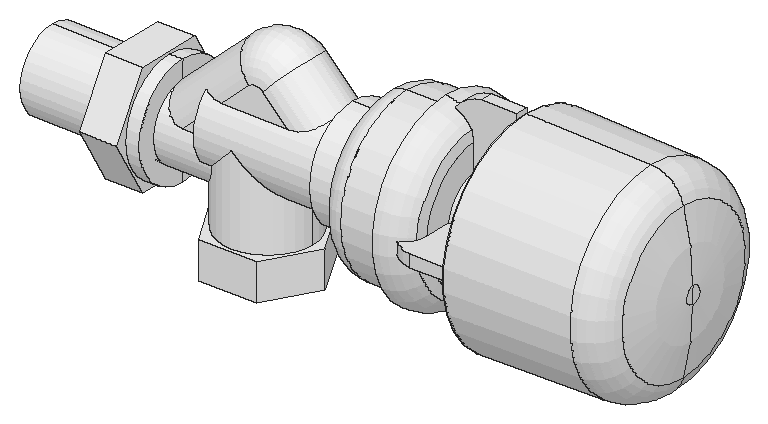
Revit family "RA-DV_Axial_DN10-15_Aero_RFA_1", category Pipe Accessories, Revit 2019
Family settings
  Round Connector Dimension = Use Diameter
  Part Type = Valve - Breaks Into
  OmniClass Number = 23.65.55.14.17
  OmniClass Title = Adjusting/Controlling Valves for Liquid Services
  Work Plane-Based = No
  Always vertical = Yes
  Cut with Voids When Loaded = No
  Shared = No
Parameters (values of type "RA-DV_Axial_DN15_013G7710")
  Weight = 0.19 kg  # constant formula
  W = if(or(Sensor Type = [015G4540], Sensor Type = [015G4544], Sensor Type = [015G4542]), 61 mm, 56 mm)  # 56 mm
  Valve Body Material = Danfoss Nickel Plated Brass
  URL = "https://store.danfoss.com/en/Climate-Solutions-for-heating/Radiator-Thermostats/Radiator-Valves/Build-on-valves/Dynamic-Valves/c/13865?q=%3Arelevance%3Adanfoss_producttypehierarchydesc%3ARA-DV%3Adanfoss_a223339155%3AA223_33915587eab19b8c161dcda613dce27588a56e&text="
  Setting Range = "1-7,N"  # constant formula
  Sensor Type = Aero Sensors_RA_RFA : Aero Sensors_Built-in_7-28 °C
  Sa3 = LL1 + LL2 + LL3  # 36.3 mm
  Sa2 = BL1 + BL2  # 27.3 mm
  SH2 = SH1 * 2  # 0 mm
  SH1 = 0 mm
  RT1 = 12.194 mm
  RT0 = 18.318 mm
  RR9 = 1 mm
  RR8 = 5 mm
  RR7 = 8.335 mm
  RR6 = 8.335 mm
  RR5 = 9.783 mm
  RR4 = 8.25 mm
  RR3 = 11.5 mm
  RR2 = 14.5 mm
  RR1 = 12.2 mm
  RR0 = 6 mm
  RL4 = 10.7 mm
  RL2 = 14.7 mm
  RL1 = 10 mm
  RB1 = 12.2 mm
  Pressure Drop [instance] = 0.0 Pa
  Model Type = "RA-DV_Axial_DN15"
  Model = "013G7710"
  Min Medium Temperature = "2 °C"  # constant formula
  Min Differential Pressure = "0.1 bar"  # constant formula
  Max Operating Pressure = "10 bar"  # constant formula
  Max Medium Temperature = "95 °C"  # constant formula
  Max Flow (Text) = "135 l/h"  # constant formula
  Max Differential Pressure = "0.6 bar"  # constant formula
  Manufacturer = "Danfoss"  # constant formula
  La [instance] = 113.9 mm
  LR8 = 3.85 mm
  LR7 = 3.2 mm
  LR6 = 3.95 mm
  LR5 = 9.924 mm
  LR4 = 2.776 mm
  LR3 = 6.8 mm
  LR2 = 7.1 mm
  LR1 = 22.8 mm
  LR0 = 4.168 mm
  LOD 350 = not(LOD 200)  # yes
  LOD 200 = no
  LL4 = 21.2 mm
  LL3 = 10 mm
  LL2 = 3.7 mm
  LL1 = 22.6 mm
  LL02 = 5 mm
  LL01 = 10 mm
  L [instance] = 171.4 mm
  IfcExportType = "RA-DV"  # constant formula
  IfcExportAs = "IfcValveType"  # constant formula
  Hex2 = 26.7 mm
  Hex1 = 30 mm
  Ha = BL1 + BL2 + RR0  # 33.3 mm
  HT = LR1 + LR2  # 29.9 mm
  HR2 = 15.35 mm
  HR1 = 17.3 mm
  H' = 58 mm
  H = Ha + (W / 2)  # 61.3 mm
  Flow [instance] = 0.0 L/s
  Description = "Thermostatic Radiator Valve"  # constant formula
  D = 15 mm
  BL2 = 9.8 mm
  BL1 = 17.5 mm
  Application = "2-Pipe System"  # constant formula
  AR = 22.748 mm
  AL = 28 mm
  015G4544 = Aero Sensors_RA_RFA : Aero Sensors_Tamperproof_Built-in_7-21 °C_015G4544
  015G4542 = Aero Sensors_RA_RFA : Aero Sensors_Tamperproof_Remote_7-26 °C_015G4542
  015G4540 = Aero Sensors_RA_RFA : Aero Sensors_Tamperproof_Built-in_7-28 °C_015G4540
Reference planes
  plane 1 "Center (Front/Back)": y = 0
  plane 2: z = 0
  plane 3 "Center (Left/Right)": x = 0
  plane 4: x = -57.5
  plane 5: z = 23.5
  plane 6: z = -27.3
  plane 7: x = 22.8
  plane 8 "right": x = 29.9
  plane 9: x = 39.476
  plane 10 "1": x = 36.7
  plane 11: x = 49.4
  plane 12: x = 53.35
  plane 13: x = 56.55
  plane 14: x = 60.4
  plane 15: x = -36.3
  plane 16 "left": x = -26.3
  plane 17: x = -22.6
  plane 18 "bottom": z = -17.5
  plane 19: z = 6
  plane 20: z = 18.2
  plane 21: z = -6.2
  plane 22: y = 28
  plane 23: y = -28
  plane 24: z = 30.7
  plane 25: z = 34
Forms (mm)
  Revolve 1, solid, material "Danfoss Nickel Plated Brass" <- "Valve Body Material", detail levels fine
    sketch origin (0, 0, 0) x (1, 0, 0) y (0, 0, 1)
      loop
        line (-57.5, 10.7) -> (-57.5, 0) -> (-26.3, 0) -> (-26.3, 10.7) -> (-57.5, 10.7)
      axis (-26.3, 0) -> (-57.5, 0)
    angle from 0 to 360
  Revolve 2, solid, material "Danfoss Nickel Plated Brass" <- "Valve Body Material", visible <- "LOD 350", detail levels fine
    sketch origin (0, 0, 0) x (1, 0, 0) y (0, 0, 1)
      loop
        line (-26.3, 0) -> (-22.6, 0) -> (-22.6, 14.7) -> (-26.3, 14.7) -> (-26.3, 0)
      axis (-22.6, 0) -> (-26.3, 0)
    angle from 0 to 360
  Revolve 3, solid, material "Danfoss Nickel Plated Brass" <- "Valve Body Material", detail levels fine
    sketch origin (0, 0, 0) x (1, 0, 0) y (0, 0, 1)
      loop
        line (-26.3, 0) -> (-26.3, -10) -> (0, -10) -> (0, 0) -> (-26.3, 0)
      axis (0, 0) -> (-26.3, 0)
    angle from 0 to 360
  Revolve 4, solid, material "Danfoss Nickel Plated Brass" <- "Valve Body Material", detail levels fine
    sketch origin (0, 0, 0) x (1, 0, 0) y (0, 0, 1)
      loop
        line (-10, 18.2) -> (-17.6, 6) -> (22.8, 6) -> (22.8, 18.2) -> (-10, 18.2)
      axis (22.8, 6) -> (-17.6, 6)
    angle from 0 to 360
  Revolve 5, solid, material "Danfoss Nickel Plated Brass" <- "Valve Body Material", detail levels fine
    sketch origin (0, 0, 0) x (1, 0, 0) y (0, 0, 1)
      loop
        line (0, 6) -> (0, -17.5) -> (12.2, -17.5) -> (12.2, 6) -> (0, 6)
      axis (0, 6) -> (0, -17.5)
    angle from 0 to 360
  Revolve 6, solid, material "Danfoss Nickel Plated Brass" <- "Valve Body Material", detail levels fine
    sketch origin (0, 0, 0) x (1, 0, 0) y (0, 0, 1)
      loop
        line (29.9, 20.5) -> (22.8, 20.5) -> (22.8, 6) -> (29.9, 6) -> (29.9, 20.5)
      axis (22.8, 6) -> (29.9, 6)
    angle from 0 to 360
  Revolve 7, solid, material "Danfoss Brass", visible <- "LOD 350", detail levels fine
    sketch origin (0, 0, 0) x (1, 0, 0) y (0, 0, 1)
      loop
        line (29.9, 6) -> (39.476, 6) -> (39.476, 14.25) -> (36.7, 14.25) -> (36.7, 17.5) -> (29.9, 17.5) -> (29.9, 6)
      loop
        line (49.4, 14.335) -> (49.4, 6) -> (56.55, 6) -> (56.55, 11) -> (53.35, 11) -> (53.35, 14.335) -> (49.4, 14.335)
      axis (56.55, 6) -> (29.9, 6)
    angle from 0 to 360
  Sweep 8, solid, material "Danfoss Nickel Plated Brass" <- "Valve Body Material", detail levels fine
    path in 3D
      loop
        line (20.87, -9, 6) -> (5.986, -9, 20.884)
        arc (5.986, -9, 20.884) -> (4.159, -9, 21.659) -> (2.305, -9, 20.948) r 2.65
        line (2.305, -9, 20.948) -> (-20.159, -9, 0)
    profile origin (-8.927, -9, 10.474) x (0.681998, 0, -0.731354) y (0, -1, 0)
      loop
        arc (0, 0) -> (-9, -9) -> (0, -18) r 9
        line (0, -18) -> (0, 0)
  Extrusion 9, solid, material "Danfoss Nickel Plated Brass" <- "Valve Body Material", detail levels fine
    sketch origin (0, 0, 0) x (1, 0, 0) y (0, 0, 1)
      loop
        line (-20.159, 0) -> (0, 0) -> (0, 6) -> (20.87, 6) -> (5.986, 20.884)
        arc (5.986, 20.884) -> (4.159, 21.659) -> (2.305, 20.948) r 2.65
        line (2.305, 20.948) -> (-20.159, 0)
    from -9 to 9
  Revolve 10, solid, material "Danfoss Nickel Plated Brass" <- "Valve Body Material", visible <- "LOD 200", detail levels fine
    sketch origin (0, 0, 0) x (1, 0, 0) y (0, 0, 1)
      loop
        line (-36.3, 17.3) -> (-36.3, 0) -> (-26.3, 0) -> (-26.3, 17.3) -> (-36.3, 17.3)
      axis (-26.3, 0) -> (-36.3, 0)
    angle from 0 to 360
  Revolve 11, solid, material "Danfoss Nickel Plated Brass" <- "Valve Body Material", visible <- "LOD 200", detail levels fine
    sketch origin (0, 0, 0) x (1, 0, 0) y (0, 0, 1)
      loop
        line (0, -27.3) -> (0, -17.5) -> (-15.35, -17.5) -> (-15.35, -27.3) -> (0, -27.3)
      axis (0, -17.5) -> (0, -27.3)
    angle from 0 to 360
  Revolve 12, solid, material "Danfoss Nickel Plated Brass" <- "Valve Body Material", detail levels fine
    sketch origin (0, 0, 0) x (1, 0, 0) y (0, 0, 1)
      loop
        line (56.55, 6) -> (60.4, 6) -> (60.4, 7) -> (56.55, 7) -> (56.55, 6)
      axis (56.55, 6) -> (60.4, 6)
    angle from 0 to 360
  Revolve 13, solid, material "Danfoss Brass", visible <- "LOD 200", detail levels fine
    sketch origin (0, 0, 0) x (1, 0, 0) y (0, 0, 1)
      loop
        line (49.4, 6) -> (56.55, 6) -> (56.55, 11) -> (49.4, 11) -> (49.4, 6)
      axis (49.4, 6) -> (56.55, 6)
    angle from 0 to 360
  Revolve 14, solid, material "Danfoss Plastic Green", detail levels fine
    sketch origin (0, 0, 0) x (1, 0, 0) y (0, 0, 1)
      loop
        line (39.476, 6) -> (49.4, 6) -> (49.4, 15.8) -> (39.476, 15.8) -> (39.476, 6)
      axis (39.476, 6) -> (49.4, 6)
    angle from 0 to 360
  Revolve 15, solid, material "Danfoss Brass", visible <- "LOD 200", detail levels fine
    sketch origin (0, 0, 0) x (1, 0, 0) y (0, 0, 1)
      loop
        line (29.9, 6) -> (39.476, 6) -> (39.476, 17.5) -> (29.9, 17.5) -> (29.9, 6)
      axis (29.9, 6) -> (39.476, 6)
    angle from 0 to 360
Cuts and joins
  joined: Revolve 3, Sweep 8, Extrusion 9
Lines and regions (mm)
  reference lines
    curve 1: line (-33.184, 0, 0.159) -> (4.395, 0, 35.203)
    curve 2: line (43.123, 0, -3.525) -> (4.395, 0, 35.203)
    curve 6: line (0, 0, 0) -> (38.285, 0, 35.701)
    curve 7: line (0, 0, 0) -> (-35.355, 0, 35.355)
  sketch lines
    curve 3: line (2.305, -9, 20.948) -> (-20.159, -9, 0)
    curve 4: arc (2.305, -9, 20.948) -> (4.159, -9, 21.659) -> (5.986, -9, 20.884) r 2.65
    curve 5: line (20.87, -9, 6) -> (5.986, -9, 20.884)
  model lines, detail levels coarse+medium
    curve 8: line (-27.4, 0, 0) -> (-36.3, 0, 0)
Dimensions and locks
  "RR1": plane 20 to plane 19
  "LL1": plane 3 "Center (Left/Right)" to plane 17
  "LL2": plane 17 to plane 16 "left"
  "LL3": plane 16 "left" to plane 15
  "LL4": plane 15 to plane 4
  "LR1": plane 7 to plane 3 "Center (Left/Right)"
  "LR2": plane 8 "right" to plane 7
  "LR3": plane 10 "1" to plane 8 "right"
  "LR4": plane 9 to plane 10 "1"
  "LR5": plane 11 to plane 9
  "LR6": plane 12 to plane 11
  "LR7": plane 13 to plane 12
  "LR8": plane 14 to plane 13
  "RL4": Revolve 1 sketch curve to level
  "RL2": Revolve 2 sketch curve to level
  "RL1": level to Revolve 3 sketch curve
  "RR0": plane 19 to level
  "RR1": plane 19 to plane 21
  "LL01": plane 3 "Center (Left/Right)" to Revolve 4 sketch curve
  "LL02": Revolve 4 sketch curve to plane 17
  "RB1": Revolve 5 sketch curve to plane 3 "Center (Left/Right)"
  "RR2": Revolve 6 sketch curve to plane 19
  "RR3": Revolve 7 sketch curve to plane 19
  "RR4": Revolve 7 sketch curve to plane 19
  "RR7": Revolve 7 sketch curve to plane 19
  "RR8": Revolve 7 sketch curve to plane 19
  "BL1": level to plane 18 "bottom"
  "BL2": plane 18 "bottom" to plane 6
  "HR1": Revolve 10 sketch curve to level
  "HR2": plane 3 "Center (Left/Right)" to Revolve 11 sketch curve
  locked: Extrusion 9 sketch curve to curve 1 at 9
  curve 2 to Extrusion 9 sketch curve = 9 mm
  "AR": curve 6 to curve 1
  "AL": curve 2 to curve 7
  "SH1": nested 3 to plane 3 "Center (Left/Right)"
  "L": nested 4 to plane 4
  "W": plane 22 to plane 23
  equal spacing: plane 22, plane 1 "Center (Front/Back)", plane 23  (x2)
  "H'": plane 24 to plane 6
  Revolve 12 sketch curve to plane 19 = 1 mm
  Revolve 13 sketch curve to plane 19 = 5 mm
  Revolve 14 sketch curve to plane 19 = 9.8 mm
  Revolve 15 sketch curve to plane 19 = 11.5 mm
  "La": nested 4 to plane 3 "Center (Left/Right)"
  "H": plane 25 to plane 6
  angle curve 7 to level = 45.00°
  angle level to curve 6 = 43.00°
  aligned and locked: level to plane 2
  aligned and locked: Revolve 1 sketch curve to plane 16 "left"
  aligned and locked: Revolve 1 sketch curve to plane 2
  aligned and locked: Revolve 1 sketch curve to plane 4
  aligned and locked: plane 2 to Revolve 1 sketch curve
  aligned and locked: plane 2 to Revolve 2 sketch curve
  aligned and locked: Revolve 2 sketch curve to plane 16 "left"
  aligned and locked: Revolve 2 sketch curve to plane 17
  aligned and locked: Revolve 2 sketch curve to level
  aligned and locked: plane 2 to Revolve 3 sketch curve
  aligned and locked: Revolve 3 sketch curve to level
  aligned and locked: Revolve 3 sketch curve to plane 3 "Center (Left/Right)"
  aligned and locked: plane 16 "left" to Revolve 3 sketch curve
  aligned and locked: plane 19 to Revolve 4 sketch curve  (x2)
  aligned and locked: Revolve 4 sketch curve to plane 20
  aligned and locked: Revolve 4 sketch curve to plane 7
  aligned and locked: plane 18 "bottom" to Revolve 5 sketch curve
  aligned and locked: plane 3 "Center (Left/Right)" to Revolve 5 sketch curve
  aligned and locked: Revolve 5 sketch curve to plane 19
  aligned and locked: Revolve 5 sketch curve to plane 3 "Center (Left/Right)"
  aligned and locked: Revolve 6 sketch curve to plane 19  (x2)
  aligned and locked: Revolve 6 sketch curve to plane 7
  aligned and locked: plane 8 "right" to Revolve 6 sketch curve
  aligned and locked: Revolve 7 sketch curve to plane 19  (x2)
  aligned and locked: Revolve 7 sketch curve to plane 8 "right"
  aligned and locked: Revolve 7 sketch curve to plane 10 "1"
  aligned and locked: Revolve 7 sketch curve to plane 11
  aligned and locked: Revolve 7 sketch curve to plane 12
  aligned and locked: Revolve 7 sketch curve to plane 13
  aligned and locked: plane 19 to Revolve 7 sketch curve
  aligned and locked: Extrusion 9 sketch curve to plane 19
  aligned and locked: Extrusion 9 sketch curve to level
  aligned and locked: Extrusion 9 sketch curve to plane 3 "Center (Left/Right)"
  aligned and locked: level to nested 1
  aligned and locked: nested 2 to plane 3 "Center (Left/Right)"
  aligned and locked: nested 1 to plane 1 "Center (Front/Back)"
  aligned and locked: plane 1 "Center (Front/Back)" to nested 2
  aligned and locked: plane 2 to Revolve 10 sketch curve
  aligned and locked: plane 15 to Revolve 10 sketch curve
  aligned and locked: level to Revolve 10 sketch curve
  aligned and locked: Revolve 10 sketch curve to plane 16 "left"
  aligned and locked: Revolve 11 sketch curve to plane 3 "Center (Left/Right)"  (x2)
  aligned and locked: plane 6 to Revolve 11 sketch curve
  aligned and locked: Revolve 11 sketch curve to plane 18 "bottom"
  aligned and locked: level to curve 7
  aligned and locked: nested 3 to plane 1 "Center (Front/Back)"
  aligned and locked: plane 15 to curve 8
  aligned and locked: plane 2 to curve 8
  aligned and locked: Revolve 12 sketch curve to plane 19  (x2)
  aligned and locked: Revolve 12 sketch curve to plane 14
  aligned and locked: Revolve 12 sketch curve to plane 13
  aligned and locked: Revolve 12 sketch curve to Revolve 7
  aligned and locked: Revolve 13 sketch curve to plane 19  (x2)
  aligned and locked: Revolve 13 sketch curve to plane 11
  aligned and locked: Revolve 13 sketch curve to plane 13
  aligned and locked: Revolve 14 sketch curve to plane 19  (x2)
  aligned and locked: Revolve 14 sketch curve to plane 9
  aligned and locked: Revolve 14 sketch curve to plane 11
  aligned and locked: Revolve 14 sketch curve to Revolve 7
  aligned and locked: Revolve 15 sketch curve to plane 19  (x2)
  aligned and locked: Revolve 15 sketch curve to plane 8 "right"
  aligned and locked: Revolve 15 sketch curve to plane 9
  aligned and locked: Revolve 6 to Revolve 15 sketch curve
  aligned and locked: Revolve 7 sketch curve to plane 9
  aligned and locked: plane 1 "Center (Front/Back)" to nested 4
  aligned and locked: nested 4 to plane 19
  aligned and locked: nested 4 to plane 8 "right"
  aligned and locked: nested 3 to plane 2
  aligned and locked: plane 3 "Center (Left/Right)" to nested 3
Automatic sketch dimensions
  plane 20 to Extrusion 9 sketch curve = 0.81 mm
  Sweep 8 sketch curve to profile plane = 0 mm
  Sweep 8 sketch curve to profile plane = 9 mm
  Sweep 8 sketch curve to profile plane = 18 mm
  Revolve 12 sketch curve to plane 14 = 0 mm
  Revolve 13 sketch curve to plane 14 = 0 mm
  Revolve 15 sketch curve to plane 14 = 0 mm
  Revolve 13 sketch curve to plane 9 = 0 mm
  Revolve 14 sketch curve to plane 14 = 0 mm
  curve 8 to plane 16 "left" = 1.1 mm
  Revolve 1 sketch curve to plane 4 = 36.842 mm
  Revolve 1 sketch curve to Revolve 1 sketch curve = 6.695 mm
  Revolve 2 sketch curve to plane 4 = 15 mm
  Revolve 2 sketch curve to Revolve 2 sketch curve = 6.916 mm
  Revolve 3 sketch curve to plane 4 = 7.987 mm
  Revolve 3 sketch curve to Revolve 3 sketch curve = 3.891 mm
  plane 14 to Revolve 4 sketch curve = 13.263 mm
  Revolve 4 sketch curve to Revolve 4 sketch curve = 5 mm
  plane 6 to Revolve 5 sketch curve = 2.302 mm
  Revolve 5 sketch curve to Revolve 5 sketch curve = 0.746 mm
  Revolve 6 sketch curve to plane 10 "1" = 2.601 mm
  Revolve 6 sketch curve to plane 9 = 0.218 mm
  plane 14 to Revolve 7 sketch curve = 21.285 mm
  Revolve 7 sketch curve to Revolve 7 sketch curve = 5 mm
  curve 6 to plane 3 "Center (Left/Right)" = 0 mm
  level to curve 1 = 0.159 mm
  plane 21 to curve 2 = 2.675 mm
  Revolve 10 sketch curve to plane 4 = 6.411 mm
  Revolve 10 sketch curve to Revolve 10 sketch curve = 4.891 mm
  Revolve 11 sketch curve to plane 6 = 1.992 mm
  Revolve 11 sketch curve to Revolve 11 sketch curve = 0.674 mm
Nested families
  nested 1: "Hexagon" at (-26.3, 0, 0) x (0, 1, 0) z (-1, 0, 0), h <- "LL3", a <- "Hex1", visible <- "LOD 350", Body Material <- "Valve Body Material", type "Hexagon"
    with h 10 mm, b 15 mm, a 30 mm, Body Material Danfoss Nickel Plated Brass
  nested 2: "Hexagon" at (0, 0, -17.5) x (-1, 0, 0) z (0, 0, -1), h <- "BL2", a <- "Hex2", visible <- "LOD 350", Body Material <- "Valve Body Material", type "Hexagon"
    with h 9.8 mm, b 13.35 mm, a 26.7 mm, Body Material Danfoss Nickel Plated Brass
  nested 3: "Schematic_Pressure Independent TRV_Sensor_Axial" at (0, 0, 0) x (-1, 0, 0) z (0, 0, 1), type "Schematic_Pressure Independent TRV_Sensor_Axial", detail levels coarse+medium
    with L2 30.25 mm, L 36.3 mm, LA_1 2.528 mm, L1/3 24.2 mm, HT 29.9 mm, HA_2 18.2 mm, HA_1 4.55 mm, HA 22.75 mm, LA 13.65 mm, L1/9 8.067 mm, L1 72.6 mm, D 27.3 mm
  nested 4: "Aero Sensors_RA_RFA" at (29.9, 0, 6) x (0, 0, -1) z (1, 0, 0), LOD 200 <- "LOD 200", type <- "Sensor Type", type "Aero Sensors_Built-in_7-28 °C", detail levels fine
    with Y' 700 mm, X' 700 mm, LOD 350 yes, LOD 200 no, Box Z Offset 100 mm, Box Y Offset 100 mm, Box X Offset 100 mm
Connectors
  piping at (-36.3, 0, 0), diameter 15, driven by "D", driven by "Flow"
    settings: on nested 1, index 1, connector inside diameter 609.6 mm, connector length 0 mm, flow factor 0, pipe flow 0.0 L/s, pressure drop 0.0 Pa, fitting loss kfactor 0, connector angle 0.00°, fixture units 0, engagement length 0 mm, angle of deflection 0.00°, flow configuration 0, flow direction 2, fitting loss method 0, system type 29, joint type 0, gender type 0, connector reference index 2, connector utility 0, adjustable connector no, is connector primary no, connector description ""
  piping at (0, 0, -27.3), diameter 15, driven by "D", driven by "Flow"
    settings: on nested 2, index 2, connector inside diameter 609.6 mm, connector length 0 mm, flow factor 0, pipe flow 0.0 L/s, pressure drop 0.0 Pa, fitting loss kfactor 0, connector angle 0.00°, fixture units 0, engagement length 0 mm, angle of deflection 0.00°, flow configuration 0, flow direction 1, fitting loss method 0, system type 29, joint type 0, gender type 0, connector reference index 1, connector utility 0, adjustable connector no, is connector primary yes, connector description ""
Definition of nested family "Hexagon"
  Parameters (values of type "Hexagon")
    h [instance] = 4 mm
    b [instance] = a / 2  # 10 mm
    a [instance] = 20 mm
    Default Elevation = 1219.2 mm
    Body Material [instance] = none
  Reference planes
    plane 1 "Center (Front/Back)": y = 0
    plane 2: z = 0
    plane 3 "Center (Left/Right)": x = 0
    plane 4: z = 4
  Forms (mm)
    Extrusion 1, solid
      sketch origin (0, 0, 0) x (1, 0, 0) y (0, 1, 0)
        loop
          line (-1219.2, 1219.2) -> (-1219.2, -1219.2) -> (1219.2, -1219.2) -> (1219.2, 1219.2) -> (-1219.2, 1219.2)
      from 0 to -304.8
    Extrusion 2, solid, material <- "Body Material", detail levels fine
      sketch origin (0, 0, 0) x (1, 0, 0) y (0, 1, 0)
        loop
          line (5.774, 10) -> (-5.774, 10) -> (-11.547, 0) -> (-5.774, -10) -> (5.774, -10) -> (11.547, 0) -> (5.774, 10)
      from 0 to 4
  Lines and regions (mm)
    reference lines
      curve 1: line (125, -216.506, 0) -> (-125, 216.506, 0)
      curve 2: line (-125, -216.506, 0) -> (125, 216.506, 0)
  Dimensions and locks
    "h": plane 4 to level
    "b": curve 1 to Extrusion 2 sketch curve
    "b": Extrusion 2 sketch curve to curve 1
    "b": Extrusion 2 sketch curve to curve 2  (x2)
    "b": plane 1 "Center (Front/Back)" to Extrusion 2 sketch curve
    "b": Extrusion 2 sketch curve to plane 1 "Center (Front/Back)"
    aligned and locked: plane 2 to Extrusion 1
    aligned and locked: level to Extrusion 1
    aligned and locked: plane 4 to Extrusion 2
  Automatic sketch dimensions
    Extrusion 1 sketch curve to Extrusion 1 sketch curve = 2438.4 mm  (x2)
    curve 1 to plane 3 "Center (Left/Right)" = 125 mm
    plane 1 "Center (Front/Back)" to curve 2 = 216.506 mm
    curve 2 to plane 3 "Center (Left/Right)" = 125 mm
    plane 3 "Center (Left/Right)" to curve 2 = 125 mm
    plane 3 "Center (Left/Right)" to curve 1 = 125 mm
    plane 1 "Center (Front/Back)" to curve 1 = 216.506 mm
    curve 2 to plane 1 "Center (Front/Back)" = 216.506 mm
    curve 1 to plane 1 "Center (Front/Back)" = 216.506 mm
Definition of nested family "Aero Sensors_RA_RFA"
  Parameters (values of type "Aero Sensors_Built-in_7-28 °C")
    YH = XYadd - H'  # 516 mm
    Y' [instance] = if(Box Y Offset < -1 * XYlimit, XYadd - XYlimit, (if(Box Y Offset > XYlimit, XYadd + XYlimit, Box Y Offset + XYadd)))  # 700 mm
    XYadd = XYlimit + 100 mm  # 600 mm
    X' [instance] = if(Box X Offset < -1 * XYlimit, XYadd - XYlimit, (if(Box X Offset > XYlimit, XYadd + XYlimit, Box X Offset + XYadd)))  # 700 mm
    XYlimit = 500 mm
    W [instance] = 56 mm
    Min Temperature Setting = "7 °C"
    Max Temperature Setting = "28 °C"
    Max Capillary Tube Length = 0 mm
    Sensor Media = "Gas"  # constant formula
    Remote Sensor = if(RS = 1, 1 = 1, 1 = 0)  # no
    Box Z Offset [instance] = 100 mm  # constant formula
    URL = "https://store.danfoss.com/en/Climate-Solutions-for-heating/Radiator-Thermostats/Radiator-sensors/Room-sensor-mTRV/Sensors-for-Danfoss-RA-valves/c/13884?q=%3Arelevance%3Adanfoss_producttypehierarchydesc%3ADanfoss+Aero%C2%AE+Sensors%3Adanfoss_a1186338575%3AA1186_3385757565fa0f3e171a343b2fd2a01064cb82&text="
    RS = 0
    Model Type = "Aero Sensors_Built-in_7-28 °C"
    Model = "015G4590,015G4594,015G4580,015G5201,015G4595,015G4598"
    Manufacturer = "Danfoss"  # constant formula
    LOD 350 [instance] = not(LOD 200)  # yes
    LOD 200 [instance] = no
    L [instance] = 56 mm
    IfcExportType = "Aero Sensors"  # constant formula
    IfcExportAs = "IfcActuatorType"  # constant formula
    H' = 84 mm
    H [instance] = 84 mm
    Description = "Radiator Sensor"  # constant formula
    Connection = "RA"  # constant formula
    Box Y Offset [instance] = 100 mm
    Box X Offset [instance] = 100 mm
    Body Material = none
    Aero Sensor = Aero_RFA : Aero Sensors
  Types (10, lengths in mm): name | YH | Y' | XYadd | X' | XYlimit | W | Min Temperature Setting | Max Temperature Setting | Max Capillary Tube Length | Remote Sensor | URL | RS | Model Type | Model | L | Aero Sensor
    Aero Sensors_Built-in_7-28 °C | 516 | 700 | 600 | 700 | 500 | 56 | "7 °C" | "28 °C" | 0 | no | "https://store.danfoss.com/en/Climate-Solutions-for-heating/Radiator-Thermostats/Radiator-sensors/Room-sensor-mTRV/Sensors-for-Danfoss-RA-valves/c/13884?q=%3Arelevance%3Adanfoss_producttypehierarchydesc%3ADanfoss+Aero%C2%AE+Sensors%3Adanfoss_a1186338575%3AA1186_3385757565fa0f3e171a343b2fd2a01064cb82&text=" | 0 | "Aero Sensors_Built-in_7-28 °C" | "015G4590,015G4594,015G4580,015G5201,015G4595,015G4598" | 56 | Aero_RFA : Aero Sensors
    Aero Sensors_Tamperproof_Built-in_7-28 °C_015G4540 | 516 | 700 | 600 | 700 | 500 | 61 | "7 °C" | "28 °C" | 0 | no | "https://store.danfoss.com/en/Climate-Solutions-for-heating/Radiator-Thermostats/Radiator-sensors/Room-sensor-mTRV/Sensors-for-Danfoss-RA-valves/c/13884?q=%3Arelevance%3Adanfoss_producttypehierarchydesc%3ADanfoss+Aero%C2%AE+Sensors%3Adanfoss_a1186338575%3AA1186_3385757565fa0f3e171a343b2fd2a01064cb82&text=" | 0 | "Aero Sensors_Tamperproof_Built-in_7-28 °C" | "015G4540" | 61 | Aero_RFA : Aero Sensors_Tamper
    Aero Sensors_Remote_7-26 °C_015G4592 | 1016 | 1200 | 1100 | 1200 | 1000 | 56 | "7 °C" | "26 °C" | 2000 | yes | "https://store.danfoss.com/en/Climate-Solutions-for-heating/Radiator-Thermostats/Radiator-sensors/Room-sensor-mTRV/Sensors-for-Danfoss-RA-valves/c/13884?q=%3Arelevance%3Adanfoss_producttypehierarchydesc%3ADanfoss+Aero%C2%AE+Sensors%3Adanfoss_a1186338575%3AA1186_3385756922a4d78decdb47e1e9a53dbb12a95d&text=" | 1 | "Aero Sensors_Remote_7-26 °C" | "015G4592" | 56 | Aero_RFA : Aero Sensors
    Aero Sensors_Tamperproof_Remote_7-26 °C_015G4542 | 1016 | 1200 | 1100 | 1200 | 1000 | 61 | "7 °C" | "26 °C" | 2000 | yes | "https://store.danfoss.com/en/Climate-Solutions-for-heating/Radiator-Thermostats/Radiator-sensors/Room-sensor-mTRV/Sensors-for-Danfoss-RA-valves/c/13884?q=%3Arelevance%3Adanfoss_producttypehierarchydesc%3ADanfoss+Aero%C2%AE+Sensors%3Adanfoss_a1186338575%3AA1186_3385756922a4d78decdb47e1e9a53dbb12a95d&text=" | 1 | "Aero Sensors_Tamperproof_Remote_7-26 °C" | "015G4542" | 61 | Aero_RFA : Aero Sensors_Tamper
    Aero Sensors_Built-in_16-28 °C | 516 | 700 | 600 | 700 | 500 | 56 | "16 °C" | "28 °C" | 0 | no | "https://store.danfoss.com/en/Climate-Solutions-for-heating/Radiator-Thermostats/Radiator-sensors/Room-sensor-mTRV/Sensors-for-Danfoss-RA-valves/c/13884?q=%3Arelevance%3Adanfoss_producttypehierarchydesc%3ADanfoss+Aero%C2%AE+Sensors%3Adanfoss_a1186338575%3AA1186_3385757565fa0f3e171a343b2fd2a01064cb82&text=" | 0 | "Aero Sensors_Built-in_16-28 °C" | "015G4596,015G5200" | 56 | Aero_RFA : Aero Sensors
    Aero Sensors_Built-in_7-21 °C | 516 | 700 | 600 | 700 | 500 | 56 | "7 °C" | "21 °C" | 0 | no | "https://store.danfoss.com/en/Climate-Solutions-for-heating/Radiator-Thermostats/Radiator-sensors/Room-sensor-mTRV/Sensors-for-Danfoss-RA-valves/c/13884?q=%3Arelevance%3Adanfoss_producttypehierarchydesc%3ADanfoss+Aero%C2%AE+Sensors%3Adanfoss_a1186338575%3AA1186_3385757565fa0f3e171a343b2fd2a01064cb82&text=" | 0 | "Aero Sensors_Built-in_7-21 °C" | "015G4690,015G4680" | 56 | Aero_RFA : Aero Sensors
    Aero Sensors_Built-in_7-22 °C_015G4622 | 516 | 700 | 600 | 700 | 500 | 56 | "7 °C" | "22 °C" | 0 | no | "https://store.danfoss.com/en/Climate-Solutions-for-heating/Radiator-Thermostats/Radiator-sensors/Room-sensor-mTRV/Sensors-for-Danfoss-RA-valves/c/13884?q=%3Arelevance%3Adanfoss_producttypehierarchydesc%3ADanfoss+Aero%C2%AE+Sensors%3Adanfoss_a1186338575%3AA1186_3385757565fa0f3e171a343b2fd2a01064cb82&text=" | 0 | "Aero Sensors_Built-in_7-22 °C" | "015G4622" | 56 | Aero_RFA : Aero Sensors
    Aero Sensors_Built-in_7-23 °C | 516 | 700 | 600 | 700 | 500 | 56 | "7 °C" | "23 °C" | 0 | no | "https://store.danfoss.com/en/Climate-Solutions-for-heating/Radiator-Thermostats/Radiator-sensors/Room-sensor-mTRV/Sensors-for-Danfoss-RA-valves/c/13884?q=%3Arelevance%3Adanfoss_producttypehierarchydesc%3ADanfoss+Aero%C2%AE+Sensors%3Adanfoss_a1186338575%3AA1186_3385757565fa0f3e171a343b2fd2a01064cb82&text=" | 0 | "Aero Sensors_Built-in_7-23 °C" | "015G4623,015G5205" | 56 | Aero_RFA : Aero Sensors
    Aero Sensors_Remote_7-21 °C | 1016 | 1200 | 1100 | 1200 | 1000 | 56 | "7 °C" | "21 °C" | 2000 | yes | "https://store.danfoss.com/en/Climate-Solutions-for-heating/Radiator-Thermostats/Radiator-sensors/Room-sensor-mTRV/Sensors-for-Danfoss-RA-valves/c/13884?q=%3Arelevance%3Adanfoss_producttypehierarchydesc%3ADanfoss+Aero%C2%AE+Sensors%3Adanfoss_a1186338575%3AA1186_3385756922a4d78decdb47e1e9a53dbb12a95d&text=" | 1 | "Aero Sensors_Remote_7-21 °C" | "015G4692,015G4682" | 56 | Aero_RFA : Aero Sensors
    Aero Sensors_Tamperproof_Built-in_7-21 °C_015G4544 | 516 | 700 | 600 | 700 | 500 | 61 | "7 °C" | "21 °C" | 0 | no | "https://store.danfoss.com/en/Climate-Solutions-for-heating/Radiator-Thermostats/Radiator-sensors/Room-sensor-mTRV/Sensors-for-Danfoss-RA-valves/c/13884?q=%3Arelevance%3Adanfoss_producttypehierarchydesc%3ADanfoss+Aero%C2%AE+Sensors%3Adanfoss_a1186338575%3AA1186_3385757565fa0f3e171a343b2fd2a01064cb82&text=" | 0 | "Aero Sensors_Tamperproof_Built-in_7-21 °C" | "015G4544" | 61 | Aero_RFA : Aero Sensors_Tamper
  Reference planes
    plane 1 "Center (Front/Back)": y = 0
    plane 2: z = 0
    plane 3 "Center (Left/Right)": x = 0
    plane 4: x = -600
    plane 5: z = -516
    plane 6: z = 184
    plane 7: z = 84
  Lines and regions (mm)
    reference lines
      curve 1: line (100, 100, 0) -> (100, 0, 0)
      curve 2: line (17.515, 100, 0) -> (-57.515, 100, 0)
  Dimensions and locks
    "XYadd": plane 4 to plane 3 "Center (Left/Right)"
    "YH": level to plane 5
    locked: plane 1 "Center (Front/Back)" to curve 2 at 100
    "Y'": plane 6 to plane 5
    "X'": plane 4 to curve 1
    "Box Z Offset": nested 1 to plane 1 "Center (Front/Back)"
    nested 1 to plane 3 "Center (Left/Right)" = 100 mm
    "H": nested 2 to level
    nested 1 to nested 2 = 100 mm
    "L": nested 2 to nested 2
    "W": nested 2 to nested 2
    aligned and locked: level to plane 2
    aligned and locked: curve 1 to nested 1
    aligned and locked: plane 6 to nested 1
    aligned and locked: plane 3 "Center (Left/Right)" to nested 2
    aligned and locked: nested 2 to level
    aligned and locked: plane 1 "Center (Front/Back)" to nested 2
    aligned and locked: plane 7 to nested 2
  Automatic sketch dimensions
    plane 1 "Center (Front/Back)" to curve 1 = 0 mm
    plane 3 "Center (Left/Right)" to curve 2 = 17.515 mm
    curve 2 to plane 3 "Center (Left/Right)" = 57.515 mm
  Nested families
    nested 1: "Remote sensor_box_RFA" at (100, 100, 184) x (-1, 0, 0) z (0, -1, 0), LOD 200 <- "LOD 200", Body Material <- "Body Material", visible <- "Remote Sensor", type "Remote sensor_box"
      with LOD 350 yes, LOD 200 no, Body Material none
    nested 2: "Aero_RFA" at (0, 0, 0), type <- "Aero Sensor", type "Aero Sensors", detail levels fine
  Definition of nested family "Remote sensor_box_RFA"
    Parameters (values of type "Remote sensor_box")
      W [instance] = 56 mm
      URL = ""
      Sensor Media = "Gas Sensor"  # constant formula
      Model = ""
      Manufacturer = "Danfoss"  # constant formula
      LOD 350 [instance] = not(LOD 200)  # no
      LOD 200 [instance] = yes
      L [instance] = 26 mm
      IfcExportType = "Remote Gas Sensor"  # constant formula
      IfcExportAs = "IfcActuatorType"  # constant formula
      H [instance] = 25 mm
      Description = "Radiator Sensor"  # constant formula
      Default Elevation = 1219.2 mm
      Body Material [instance] = none
    Reference planes
      plane 1 "Center (Front/Back)": y = 0
      plane 2: z = 0
      plane 3 "Center (Left/Right)": x = 0
      plane 4: z = 25
      plane 5: y = 28
      plane 6: y = -28
      plane 7: x = -13
      plane 8: x = 13
    Forms (mm)
      Extrusion 1, solid, material <- "Body Material", detail levels fine
        sketch origin (0, 0, 83.1) x (0, -1, 0) y (1, 0, 0)
          loop
            line (-23.8, -10) -> (23.8, -10) -> (23.8, 9.915) -> (-23.8, 9.915) -> (-23.8, -10)
        from -83.1 to -77.6
      Extrusion 2, solid, material <- "Body Material", visible <- "LOD 200", detail levels fine
        sketch origin (0, 0, 88.6) x (0, -1, 0) y (1, 0, 0)
          loop
            line (-28, -13) -> (28, -13) -> (28, 13) -> (-28, 13) -> (-28, -13)
        from -83.1 to -63.6
      Blend 3, solid, material <- "Body Material", visible <- "LOD 350", detail levels fine
        base sketch origin (0, 0, 82.972) x (0, -1, 0) y (1, 0, 0)
          loop
            line (-28.001, -13) -> (28, -13) -> (28, 13) -> (-28.001, 13) -> (-28.001, -13)
        top sketch origin (0, 0, 82.972) x (0, -1, 0) y (1, 0, 0)
          loop
            line (-26.435, -11.489) -> (26.435, -11.489) -> (26.435, 11.489) -> (-26.435, 11.489) -> (-26.435, -11.489)
        from -77.6 to -57.972
      Extrusion 4, void
        sketch origin (0, 0, 0) x (0, 1, 0) y (0, 0, 1)
          loop
            line (28.001, 5.372) -> (31.043, 5.372) -> (31.043, 25) -> (25.964, 25) -> (28.001, 5.372)
          loop
            line (-25.965, 25) -> (-31.105, 25) -> (-31.105, 5.372) -> (-28, 5.372) -> (-25.965, 25)
        from -17.5 to 17.5
      Extrusion 5, solid, material <- "Body Material", detail levels coarse+medium
        sketch origin (0, 0, 0) x (0, 1, 0) y (0, 0, 1)
          loop
            line (28, 25) -> (-28, 25) -> (-28, 0) -> (28, 0) -> (28, 25)
        from -13 to 13
    Dimensions and locks
      "H": plane 4 to level
      equal spacing: plane 7, plane 3 "Center (Left/Right)", plane 8
      equal spacing: plane 5, plane 1 "Center (Front/Back)", plane 6
      "W": plane 5 to plane 6
      "L": plane 7 to plane 8
      plane 8 to plane 7 = 26 mm
      level to Extrusion 5 = 25 mm
      aligned and locked: level to plane 2
      aligned and locked: Extrusion 1 to level
      aligned and locked: Extrusion 2 to plane 7
      aligned and locked: plane 8 to Extrusion 2
      aligned and locked: plane 4 to Extrusion 2
      aligned and locked: plane 5 to Extrusion 2
      aligned and locked: Extrusion 2 to plane 6
    Automatic sketch dimensions
      Extrusion 1 sketch curve to plane 5 = 4.2 mm
      plane 6 to Extrusion 1 sketch curve = 4.2 mm
      plane 7 to Extrusion 1 sketch curve = 3 mm
      Extrusion 1 sketch curve to plane 8 = 3.085 mm
      Extrusion 2 sketch curve to plane 5 = 0 mm
      Extrusion 2 sketch curve to plane 6 = 0 mm
      plane 7 to Extrusion 2 sketch curve = 0 mm
      Extrusion 2 sketch curve to plane 8 = 0 mm
      plane 6 to Blend 3 sketch curve = 0 mm
      Blend 3 sketch curve to plane 5 = 1.565 mm
      plane 7 to Blend 3 sketch curve = 1.511 mm
      plane 6 to Blend 3 sketch curve = 1.565 mm
      Blend 3 sketch curve to plane 8 = 1.511 mm
      Extrusion 4 sketch curve to plane 4 = 0 mm  (x2)
      Extrusion 4 sketch curve to plane 6 = 3.105 mm
      plane 6 to Extrusion 4 sketch curve = 0 mm
      plane 5 to Extrusion 4 sketch curve = 0.001 mm
      level to Extrusion 4 sketch curve = 5.372 mm  (x2)
      plane 6 to Extrusion 4 sketch curve = 2.035 mm
      Extrusion 4 sketch curve to plane 5 = 2.036 mm
      Extrusion 4 sketch curve to Extrusion 4 sketch curve = 3.042 mm
      plane 5 to Blend 3 sketch curve = 0.001 mm
      plane 7 to Blend 3 sketch curve = 0 mm
      Blend 3 sketch curve to plane 8 = 0 mm
      Extrusion 5 sketch curve to plane 4 = 0 mm
      Extrusion 5 sketch curve to plane 6 = 0 mm
      Extrusion 5 sketch curve to level = 0 mm
      Extrusion 5 sketch curve to plane 5 = 0 mm
  Definition of nested family "Aero_RFA"
    Parameters (values of type "Aero Sensors")
      W = L  # 56 mm
      URL = ""
      Model Type = "Aero Sensors"
      L = 56 mm
      Sensor Media = "Gas"  # constant formula
      Model = ""
      Manufacturer = "Danfoss"  # constant formula
      LOD 350 = not(LOD 200)  # yes
      LOD 200 = no
      IfcExportType = "Aero Sensors"  # constant formula
      IfcExportAs = "IfcActuatorType"  # constant formula
      H [instance] = 84 mm
      Description = "Radiator Sensor"  # constant formula
      D1 = 1 mm
      Connection = "RA"  # constant formula
      Body Material = none
      With Tamper (LOD 200) = if(and(LOD 200, D1 = 0 mm), 1 = 1, 1 = 0)  # no
      With Tamper (LOD 350) = if(and(LOD 350, D1 = 0 mm), 1 = 1, 1 = 0)  # no
      Standard (LOD 200) = if(and(LOD 200, D1 > 0 mm), 1 = 1, 1 = 0)  # no
      Standard (LOD 350) = if(and(LOD 350, D1 > 0 mm), 1 = 1, 1 = 0)  # yes
    Types (2, lengths in mm): name | W | Model Type | L | D1 | With Tamper (LOD 350) | Standard (LOD 350)
      Aero Sensors | 56 | "Aero Sensors" | 56 | 1 | no | yes
      Aero Sensors_Tamper | 61 | "Aero Sensors_Tamper" | 61 | 0 | yes | no
    Reference planes
      plane 1 "Center (Front/Back)": y = 0
      plane 2: z = 0
      plane 3 "Center (Left/Right)": x = 0
      plane 4: z = 84
      plane 5: z = 15.7
      plane 6: z = 55.7
      plane 7: z = 38.9
      plane 8: x = 28
      plane 9: x = -28
      plane 10: y = 28
      plane 11: y = -28
    Forms (mm)
      Revolve 1, solid, material <- "Body Material", visible <- "Standard (LOD 350)"
        sketch origin (58.75, 0, 0) x (1, 0, 0) y (0, 0, 1)
          loop
            line (-81.015, 17.711) -> (-81.015, 7.41)
            arc (-81.015, 7.41) -> (-79.155, 2.921) -> (-74.665, 1.061) r 6.349
            line (-74.665, 1.061) -> (-72.426, 1.061) -> (-71.627, 0) -> (-58.75, 0) -> (-58.75, 26.296) -> (-75.835, 26.296) -> (-78.801, 25.879)
            arc (-78.801, 25.879) -> (-82.169, 22.397) -> (-83.397, 17.711) r 9.556
            line (-83.397, 17.711) -> (-81.015, 17.711)
          axis (-58.75, 26.296) -> (-58.75, 0)
        angle from 0 to 360
      Revolve 2, solid, material <- "Body Material", visible <- "Standard (LOD 200)"
        sketch origin (0, 0, 0) x (1, 0, 0) y (0, 0, 1)
          loop
            line (-27.989, 71.35) -> (-27.989, 26.296) -> (0, 26.296) -> (0, 83.808) -> (-6.101, 83.808)
            arc (-6.101, 83.808) -> (-13.09, 83.312) -> (-19.938, 81.833) r 49.463
            arc (-19.938, 81.833) -> (-25.744, 77.959) -> (-27.989, 71.35) r 10.851
          axis (0, 83.808) -> (0, 26.296)
        angle from 0 to 360
      Extrusion 3, solid, material <- "Body Material", visible <- "Standard (LOD 350)"
        sketch origin (0, 0, 0) x (1, 0, 0) y (0, 0, 1)
          loop
            line (-10.112, 38.861) -> (-18.956, 38.861) -> (-22.118, 37.969) -> (-28, 37.969) -> (-28, 28.615)
            arc (-28, 28.615) -> (-24.743, 22.336) -> (-18.133, 19.817) r 9.932
            line (-18.133, 19.817) -> (-10.112, 19.817) -> (-10.112, 38.861)
        from -1.599 to 1.564
      Extrusion 4, solid, material <- "Body Material", visible <- "Standard (LOD 350)"
        sketch origin (0, 0, 0) x (0, 1, 0) y (0, 0, 1)
          loop
            line (-7.612, 38.861) -> (-16.456, 38.861) -> (-19.618, 37.969) -> (-25.5, 37.969) -> (-25.5, 28.615)
            arc (-25.5, 28.615) -> (-22.243, 22.336) -> (-15.633, 19.817) r 9.932
            line (-15.633, 19.817) -> (-7.612, 19.817) -> (-7.612, 38.861)
        from -1.599 to 1.564
      Extrusion 5, solid, material <- "Body Material", visible <- "Standard (LOD 350)"
        sketch origin (0, 0, 0) x (-1, 0, 0) y (0, 0, -1)
          loop
            line (-10.112, -38.861) -> (-10.112, -19.817) -> (-18.133, -19.817)
            arc (-18.133, -19.817) -> (-24.743, -22.336) -> (-28, -28.615) r 9.932
            line (-28, -28.615) -> (-28, -37.969) -> (-22.118, -37.969) -> (-18.956, -38.861) -> (-10.112, -38.861)
        from -1.599 to 1.564
      Revolve 6, solid, material <- "Body Material", visible <- "Standard (LOD 200)"
        sketch origin (0, 0, 0) x (1, 0, 0) y (0, 0, 1)
          loop
            line (-22.577, 26.296) -> (-22.577, 0) -> (0, 0) -> (0, 26.296) -> (-22.577, 26.296)
          axis (0, 26.296) -> (0, 0)
        angle from 0 to 360
      Revolve 7, solid, material <- "Body Material", visible <- "With Tamper (LOD 200)"
        sketch origin (0, 0, 0) x (1, 0, 0) y (0, 0, 1)
          loop
            line (-17.049, 15.7) -> (-17.049, 0) -> (0, 0) -> (0, 15.7) -> (-17.049, 15.7)
          axis (0, 15.7) -> (0, 0)
        angle from 0 to 360
      Extrusion 8, solid, material <- "Body Material", visible <- "Standard (LOD 350)"
        sketch origin (0, 0, 0) x (0, 1, 0) y (0, 0, 1)
          loop
            line (7.612, 38.861) -> (7.612, 19.42) -> (16.192, 19.42)
            arc (16.192, 19.42) -> (20.244, 20.167) -> (23.763, 22.31) r 11.36
            arc (23.763, 22.31) -> (25.412, 24.295) -> (26.713, 26.524) r 15.693
            line (26.713, 26.524) -> (25.847, 26.524) -> (25.847, 38.861) -> (7.612, 38.861)
        from -1.6 to 1.56
      Revolve 9, solid, material <- "Body Material", visible <- "Standard (LOD 350)"
        sketch origin (0, 0, 0) x (1, 0, 0) y (0, 0, 1)
          loop
            line (0, 38.861) -> (-10.112, 38.861) -> (-10.112, 26.296) -> (0, 26.296) -> (0, 38.861)
          axis (0, 38.861) -> (0, 26.296)
        angle from 0 to 360
      Extrusion 10, solid, visible <- "Standard (LOD 350)"
        sketch origin (-10, 0, 0) x (1, 0, 0) y (0, 0, 1)
          loop
            arc (11.774, 26.527) -> (13.062, 27.175) -> (13.617, 28.507) r 2.075
            line (13.617, 28.507) -> (13.617, 31.972)
            arc (13.617, 31.972) -> (13.435, 33.865) -> (12.894, 35.69) r 9.921
            arc (12.894, 35.69) -> (12.616, 36.316) -> (12.295, 36.921) r 9.921
            arc (12.295, 36.921) -> (11.778, 37.482) -> (11.072, 37.77) r 1.747
            line (11.072, 37.77) -> (8.928, 37.77)
            arc (8.928, 37.77) -> (8.222, 37.482) -> (7.705, 36.921) r 1.747
            arc (7.705, 36.921) -> (7.384, 36.316) -> (7.106, 35.69) r 9.921
            arc (7.106, 35.69) -> (6.565, 33.865) -> (6.383, 31.972) r 9.921
            line (6.383, 31.972) -> (6.383, 28.507)
            arc (6.383, 28.507) -> (6.938, 27.175) -> (8.226, 26.527) r 2.075
            line (8.226, 26.527) -> (11.774, 26.527)
        from -27.797 to -25.847
      Revolve 11, solid, material <- "Body Material", visible <- "Standard (LOD 350)"
        sketch origin (0, 0, 0) x (1, 0, 0) y (0, 0, 1)
          loop
            line (-27.181, 72.625) -> (-27.823, 39.37)
            arc (-27.823, 39.37) -> (-27.604, 38.947) -> (-27.131, 38.9) r 0.499
            line (-27.131, 38.9) -> (-17.836, 38.9) -> (0, 38.9) -> (0, 83.811) -> (-2.223, 83.811)
            arc (-2.223, 83.811) -> (-11.503, 83.187) -> (-20.617, 81.328) r 69.366
            arc (-20.617, 81.328) -> (-25.309, 78.04) -> (-27.181, 72.625) r 9.291
          axis (0, 83.811) -> (0, 38.9)
        angle from 0 to 360
      Revolve 12, solid, material <- "Body Material", visible <- "With Tamper (LOD 350)"
        sketch origin (0, 0, 0) x (1, 0, 0) y (0, 0, 1)
          loop
            line (-27.64, 55.7) -> (-29.195, 55.7) -> (-30.485, 54.745) -> (-30.485, 38.723) -> (-22.149, 18.09)
            arc (-22.149, 18.09) -> (-20.819, 16.357) -> (-18.736, 15.7) r 3.632
            line (-18.736, 15.7) -> (0, 15.7) -> (0, 83.75)
            arc (0, 83.75) -> (-2.863, 83.722) -> (-5.726, 83.66) r 248.1
            arc (-5.726, 83.66) -> (-12.108, 83.017) -> (-18.449, 82.06) r 129.753
            arc (-18.449, 82.06) -> (-25.038, 78.256) -> (-27.64, 71.108) r 11.121
            line (-27.64, 71.108) -> (-27.64, 55.7)
          axis (0, 83.75) -> (0, 15.7)
        angle from 0 to 360
      Revolve 13, solid, material <- "Body Material", visible <- "With Tamper (LOD 200)"
        sketch origin (0, 0, 0) x (1, 0, 0) y (0, 0, 1)
          loop
            line (0, 84) -> (-6.444, 84)
            arc (-6.444, 84) -> (-19.151, 81.895) -> (-30.5, 75.805) r 39.405
            line (-30.5, 75.805) -> (-30.5, 38.991) -> (-21.201, 15.7) -> (0, 15.7) -> (0, 84)
          axis (0, 84) -> (0, 15.7)
        angle from 0 to 360
      Revolve 14, solid, material <- "Body Material", visible <- "With Tamper (LOD 200)"
        sketch origin (0, 0, 0) x (1, 0, 0) y (0, 0, 1)
          loop
            line (-17.049, 15.7) -> (-17.049, 0) -> (0, 0) -> (0, 15.7) -> (-17.049, 15.7)
          axis (0, 15.7) -> (0, 0)
        angle from 0 to 360
      Revolve 15, solid, material <- "Body Material", visible <- "With Tamper (LOD 350)"
        sketch origin (0, 0, 0) x (1, 0, 0) y (0, 0, 1)
          loop
            line (-13.252, 0) -> (0, 0) -> (0, 15.7) -> (-17.049, 15.7) -> (-17.049, 1.11) -> (-13.252, 1.11) -> (-13.252, 0)
          axis (0, 15.7) -> (0, 0)
        angle from 0 to 360
    Lines and regions (mm)
      symbolic lines
        curve 1: line (25.939, -10.66, 0) -> (27.155, -6.916, 0)
    Dimensions and locks
      "H": plane 4 to level
      locked: plane 5 to level at 15.7
      locked: plane 6 to level at 55.7
      level to Extrusion 10 sketch curve = 26.527 mm
      level to Extrusion 10 sketch curve = 37.77 mm
      Extrusion 10 sketch curve to plane 3 "Center (Left/Right)" to Extrusion 10 sketch curve = 3.617 mm, 3.617 mm
      locked: plane 7 to level at 38.9
      plane 3 "Center (Left/Right)" to Revolve 15 sketch curve = 17.049 mm
      equal spacing: plane 8, plane 3 "Center (Left/Right)", plane 9
      "L": plane 8 to plane 9
      equal spacing: plane 11, plane 1 "Center (Front/Back)", plane 10
      "W": plane 11 to plane 10
      aligned and locked: level to plane 2
      aligned and locked: Revolve 6 sketch curve to level
      aligned and locked: plane 3 "Center (Left/Right)" to Revolve 6 sketch curve
      aligned and locked: Revolve 6 sketch curve to plane 3 "Center (Left/Right)"
      aligned and locked: Revolve 7 sketch curve to plane 5
      aligned and locked: Revolve 7 sketch curve to level
      aligned and locked: Revolve 7 sketch curve to plane 3 "Center (Left/Right)"  (x2)
      aligned and locked: Revolve 2 sketch curve to plane 3 "Center (Left/Right)"
      aligned and locked: Revolve 9 sketch curve to plane 3 "Center (Left/Right)"  (x2)
      aligned and locked: Extrusion 3 to Revolve 9 sketch curve
      aligned and locked: Revolve 1 to Revolve 9 sketch curve
      aligned and locked: plane 3 "Center (Left/Right)" to Revolve 1 sketch curve
      aligned and locked: Revolve 1 sketch curve to plane 3 "Center (Left/Right)"
      aligned and locked: Revolve 11 sketch curve to plane 7
      aligned and locked: Revolve 11 sketch curve to plane 3 "Center (Left/Right)"  (x2)
      aligned and locked: plane 6 to Revolve 12 sketch curve
      aligned and locked: plane 3 "Center (Left/Right)" to Revolve 13 sketch curve
      aligned and locked: Revolve 13 sketch curve to plane 5
      aligned and locked: plane 4 to Revolve 13 sketch curve
      aligned and locked: Revolve 13 sketch curve to plane 3 "Center (Left/Right)"
      aligned and locked: Revolve 14 sketch curve to plane 3 "Center (Left/Right)"  (x2)
      aligned and locked: Revolve 14 sketch curve to level
      aligned and locked: Revolve 14 sketch curve to plane 5
      aligned and locked: Revolve 12 sketch curve to plane 5
      aligned and locked: Revolve 12 sketch curve to plane 3 "Center (Left/Right)"  (x2)
      aligned and locked: Revolve 15 sketch curve to plane 5
      aligned and locked: Revolve 15 sketch curve to plane 3 "Center (Left/Right)"  (x2)
    Automatic sketch dimensions
      plane 1 "Center (Front/Back)" to curve 1 = 10.66 mm
      curve 1 to curve 1 = 3.744 mm
      Revolve 1 sketch curve to level = 0 mm
      Revolve 1 sketch curve to plane 3 "Center (Left/Right)" = 12.877 mm
      Revolve 1 sketch curve to Revolve 1 sketch curve = 0.8 mm
      plane 5 to Revolve 1 sketch curve = 2.011 mm
      Revolve 1 sketch curve to Revolve 1 sketch curve = 2.239 mm
      Revolve 1 sketch curve to Revolve 1 sketch curve = 1.994 mm
      Revolve 1 sketch curve to Revolve 1 sketch curve = 2.966 mm
      Revolve 1 sketch curve to Revolve 1 sketch curve = 2.383 mm
      level to Revolve 1 sketch curve = 1.061 mm
      plane 5 to Revolve 1 sketch curve = 10.596 mm
      Revolve 1 sketch curve to level = 366.045 mm
      plane 4 to Revolve 1 sketch curve = 2130.315 mm
      Revolve 2 sketch curve to plane 3 "Center (Left/Right)" = 0 mm
      Revolve 2 sketch curve to plane 4 = 0.192 mm
      Revolve 2 sketch curve to Revolve 2 sketch curve = 6.101 mm
      Revolve 2 sketch curve to Revolve 2 sketch curve = 12.458 mm
      level to Revolve 2 sketch curve = 34.345 mm
      Revolve 2 sketch curve to Revolve 2 sketch curve = 8.049 mm
      Revolve 2 sketch curve to level = 366.045 mm
      plane 4 to Revolve 2 sketch curve = 2130.315 mm
      Extrusion 3 sketch curve to Extrusion 3 sketch curve = 3.162 mm
      Extrusion 3 sketch curve to Extrusion 3 sketch curve = 3.985 mm
      plane 5 to Extrusion 3 sketch curve = 4.117 mm
      Extrusion 3 sketch curve to Extrusion 3 sketch curve = 8.021 mm
      plane 5 to Extrusion 3 sketch curve = 12.915 mm
      Extrusion 3 sketch curve to Extrusion 3 sketch curve = 9.353 mm
      Extrusion 3 sketch curve to Extrusion 3 sketch curve = 0.892 mm
      Extrusion 4 sketch curve to Extrusion 4 sketch curve = 5.882 mm
      Extrusion 4 sketch curve to Extrusion 4 sketch curve = 3.162 mm
      Extrusion 4 sketch curve to Extrusion 4 sketch curve = 3.985 mm
      plane 5 to Extrusion 4 sketch curve = 4.117 mm
      plane 1 "Center (Front/Back)" to Extrusion 4 sketch curve = 7.612 mm
      plane 5 to Extrusion 4 sketch curve = 12.915 mm
      Extrusion 4 sketch curve to Extrusion 4 sketch curve = 9.353 mm
      Extrusion 4 sketch curve to Extrusion 4 sketch curve = 0.892 mm
      Extrusion 5 sketch curve to Extrusion 5 sketch curve = 5.882 mm
      Extrusion 5 sketch curve to Extrusion 5 sketch curve = 3.162 mm
      Extrusion 5 sketch curve to Extrusion 5 sketch curve = 3.985 mm
      Extrusion 5 sketch curve to plane 5 = 4.117 mm
      Extrusion 5 sketch curve to Extrusion 5 sketch curve = 8.021 mm
      Extrusion 5 sketch curve to plane 5 = 12.915 mm
      Extrusion 5 sketch curve to Extrusion 5 sketch curve = 9.353 mm
      Extrusion 5 sketch curve to Extrusion 5 sketch curve = 0.892 mm
      plane 5 to Revolve 6 sketch curve = 10.596 mm
      Revolve 6 sketch curve to level = 366.045 mm
      plane 4 to Revolve 6 sketch curve = 2130.315 mm
      Revolve 7 sketch curve to level = 366.045 mm
      plane 4 to Revolve 7 sketch curve = 2130.315 mm
      plane 5 to Extrusion 8 sketch curve = 3.72 mm
      Extrusion 8 sketch curve to Extrusion 8 sketch curve = 3.636 mm
      Extrusion 8 sketch curve to Extrusion 8 sketch curve = 4.944 mm
      Extrusion 8 sketch curve to Extrusion 8 sketch curve = 0.866 mm
      Extrusion 8 sketch curve to Extrusion 8 sketch curve = 7.103 mm
      Extrusion 8 sketch curve to Extrusion 8 sketch curve = 4.257 mm
      Extrusion 8 sketch curve to Extrusion 8 sketch curve = 2.516 mm
      Extrusion 8 sketch curve to Extrusion 8 sketch curve = 5.564 mm
      Revolve 9 sketch curve to level = 366.045 mm
      plane 4 to Revolve 9 sketch curve = 2130.315 mm
      Extrusion 10 sketch curve to Extrusion 10 sketch curve = 0.002 mm  (x2)
      Extrusion 10 sketch curve to Extrusion 10 sketch curve = 2.687 mm  (x2)
      Extrusion 10 sketch curve to Extrusion 10 sketch curve = 1.843 mm
      Extrusion 10 sketch curve to Extrusion 10 sketch curve = 2.074 mm  (x2)
      Extrusion 10 sketch curve to Extrusion 10 sketch curve = 2.545 mm
      Extrusion 10 sketch curve to Extrusion 10 sketch curve = 0.29 mm  (x2)
      Extrusion 10 sketch curve to Extrusion 10 sketch curve = 1.563 mm
      Extrusion 10 sketch curve to Extrusion 10 sketch curve = 1.979 mm  (x2)
      Extrusion 10 sketch curve to Extrusion 10 sketch curve = 2.062 mm
      Extrusion 10 sketch curve to Extrusion 10 sketch curve = 3.465 mm
      Extrusion 10 sketch curve to Extrusion 10 sketch curve = 0 mm  (x2)
      Extrusion 10 sketch curve to Extrusion 10 sketch curve = 0.003 mm  (x2)
      Extrusion 10 sketch curve to Extrusion 10 sketch curve = 1.723 mm
      Extrusion 10 sketch curve to Extrusion 10 sketch curve = 2.113 mm
      Extrusion 10 sketch curve to Extrusion 10 sketch curve = 1.223 mm
      Revolve 9 sketch curve to plane 7 = 0.039 mm
      plane 7 to Revolve 11 sketch curve = 0.47 mm
      Revolve 11 sketch curve to Revolve 11 sketch curve = 0.499 mm
      Revolve 11 sketch curve to Revolve 11 sketch curve = 0.193 mm
      Revolve 11 sketch curve to plane 4 = 11.375 mm
      Revolve 11 sketch curve to Revolve 11 sketch curve = 0.643 mm
      Revolve 11 sketch curve to Revolve 11 sketch curve = 9.29 mm
      Revolve 11 sketch curve to Revolve 11 sketch curve = 9.295 mm
      Revolve 11 sketch curve to plane 5 = 1.255 mm
      Revolve 11 sketch curve to Revolve 11 sketch curve = 0.18 mm
      Revolve 11 sketch curve to Revolve 11 sketch curve = 11.366 mm
      Revolve 11 sketch curve to level = 366.045 mm
      plane 4 to Revolve 11 sketch curve = 2130.315 mm
      Revolve 13 sketch curve to plane 3 "Center (Left/Right)" = 6.444 mm
      plane 7 to Revolve 13 sketch curve = 0.091 mm
      plane 7 to Revolve 13 sketch curve = 5.695 mm
      Revolve 13 sketch curve to level = 366.045 mm
      plane 4 to Revolve 13 sketch curve = 2130.315 mm
      Revolve 14 sketch curve to level = 366.045 mm
      plane 4 to Revolve 14 sketch curve = 2130.315 mm
      plane 5 to Revolve 12 sketch curve = 3.632 mm
      plane 5 to Revolve 12 sketch curve = 2.39 mm
      Revolve 12 sketch curve to plane 6 = 0.955 mm
      Revolve 12 sketch curve to Revolve 12 sketch curve = 1.29 mm
      plane 3 "Center (Left/Right)" to Revolve 12 sketch curve = 1.032 mm
      plane 3 "Center (Left/Right)" to Revolve 12 sketch curve = 4.082 mm
      Revolve 12 sketch curve to level = 45.722 mm
      Revolve 12 sketch curve to plane 7 = 0.177 mm
      Revolve 12 sketch curve to plane 4 = 12.892 mm
      Revolve 12 sketch curve to plane 4 = 0.34 mm
      Revolve 12 sketch curve to Revolve 12 sketch curve = 0 mm
      Revolve 12 sketch curve to plane 4 = 0.25 mm
      Revolve 12 sketch curve to Revolve 12 sketch curve = 201.697 mm
      plane 4 to Revolve 12 sketch curve = 2130.315 mm
      level to Revolve 15 sketch curve = 1.11 mm
      Revolve 15 sketch curve to Revolve 15 sketch curve = 3.797 mm
      Revolve 15 sketch curve to level = 0 mm
      Revolve 15 sketch curve to level = 366.045 mm
      plane 4 to Revolve 15 sketch curve = 2130.315 mm
      plane 3 "Center (Left/Right)" to curve 1 = 25.939 mm
      curve 1 to curve 1 = 1.216 mm
      Extrusion 5 sketch curve to plane 3 "Center (Left/Right)" = 28 mm
      Revolve 1 sketch curve to plane 3 "Center (Left/Right)" = 17.085 mm
      Revolve 1 sketch curve to Revolve 1 sketch curve = 7.174 mm
      Revolve 2 sketch curve to Revolve 2 sketch curve = 11.036 mm
      Revolve 2 sketch curve to Revolve 2 sketch curve = 10.851 mm
      Extrusion 3 sketch curve to plane 3 "Center (Left/Right)" = 28 mm
      Extrusion 3 sketch curve to Extrusion 3 sketch curve = 5.882 mm
      Revolve 6 sketch curve to plane 3 "Center (Left/Right)" = 22.577 mm
      Revolve 7 sketch curve to Revolve 7 sketch curve = 17.049 mm
      Revolve 11 sketch curve to Revolve 11 sketch curve = 2.223 mm
      Revolve 11 sketch curve to Revolve 11 sketch curve = 17.836 mm
      Revolve 12 sketch curve to plane 3 "Center (Left/Right)" = 16.518 mm
      Revolve 12 sketch curve to plane 3 "Center (Left/Right)" = 18.736 mm
      Revolve 12 sketch curve to Revolve 12 sketch curve = 11.121 mm
      Revolve 12 sketch curve to Revolve 12 sketch curve = 1.556 mm
      Revolve 13 sketch curve to plane 3 "Center (Left/Right)" = 21.201 mm
      Revolve 13 sketch curve to Revolve 13 sketch curve = 24.056 mm
      Revolve 14 sketch curve to plane 3 "Center (Left/Right)" = 17.049 mm
      Extrusion 4 sketch curve to Extrusion 4 sketch curve = 8.021 mm
      Extrusion 8 sketch curve to Extrusion 8 sketch curve = 9.655 mm
      Extrusion 8 sketch curve to plane 1 "Center (Front/Back)" = 7.612 mm
Definition of nested family "Schematic_Pressure Independent TRV_Sensor_Axial"
  Parameters (values of type "Schematic_Pressure Independent TRV_Sensor_Axial")
    L2 = 5 / 6 * L  # 30 mm
    L = 36 mm
    LA_1 = 1 / 9 * HA  # 2.407 mm
    L1/3 = 1 / 3 * L1  # 24 mm
    HT = 30 mm
    HA_2 = 4 / 5 * HA  # 17.333 mm
    HA_1 = 1 / 5 * HA  # 4.333 mm
    HA = 5 / 6 * D  # 21.667 mm
    LA = 3 / 5 * HA  # 13 mm
    L1/9 = 1 / 9 * L1  # 8 mm
    L1 = L * 2  # 72 mm
    D = 26 mm
  Reference planes
    plane 1 "Center (Front/Back)": y = 0
    plane 2: z = 0
    plane 3 "Center (Left/Right)": x = 0
    plane 4: z = 13
    plane 5: z = -13
    plane 6: x = 26
    plane 7: x = -51.667
    plane 8: y = 13
    plane 9: y = -13
    plane 10: z = -26
    plane 11: x = -6.5
    plane 12: x = 6.5
    plane 13: x = -4.093
    plane 14: x = 4.093
    plane 15 "centerline": z = 0
    plane 16: x = -30
    plane 17: x = 13
    plane 18: x = -13
    plane 19: x = 36
    plane 20: z = 6.5
    plane 21: z = -6.5
    plane 22: z = 4.093
    plane 23: z = -4.093
    plane 24: x = -47.333
    plane 25: x = -34.333
    plane 26: z = 30
    plane 27: z = 14
    plane 28: z = 22
    plane 29: x = 12
    plane 30: x = -12
    plane 31: y = 6.5
    plane 32: y = -6.5
    plane 33: y = 4.093
    plane 34: y = -4.093
    plane 35: y = 30
    plane 36: y = 14
    plane 37: y = 22
    plane 38: y = 13
    plane 39: y = -13
  Lines and regions (mm)
    model lines
      curve 1: line (0, 0, 14) -> (0, 0, 0)
      curve 2: line (0, 0, 0) -> (26, 0, 13)
      curve 3: line (26, 0, 13) -> (26, 0, -13)
      curve 4: line (26, 0, -13) -> (0, 0, 0)
      curve 8: line (-30, 0, 0) -> (0, 0, 0)
      curve 9: line (0, 0, 0) -> (13, 0, -26)
      curve 10: line (13, 0, -26) -> (-13, 0, -26)
      curve 11: line (-13, 0, -26) -> (0, 0, 0)
      curve 12: line (26, 0, 0) -> (36, 0, 0)
      curve 15: line (-51.667, 0, 6.5) -> (-30, 0, 6.5)
      curve 16: line (-51.667, 0, -6.5) -> (-51.667, 0, 6.5)
